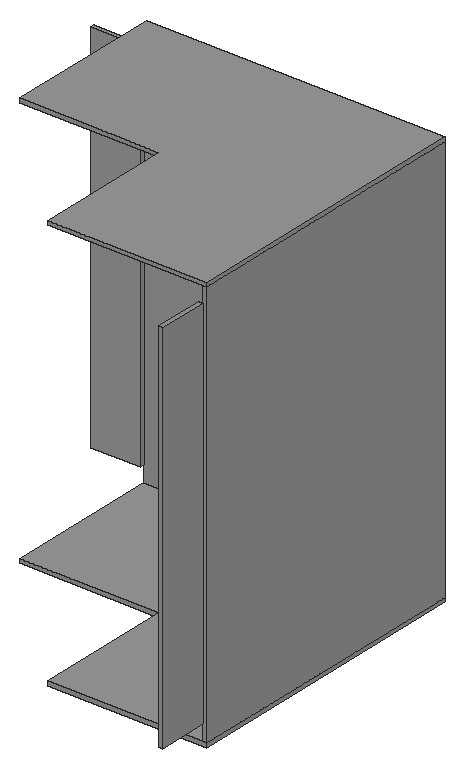
Revit family "Außeneckhaube WDK HA80210RW", category Generic Models, Revit 2017
Family settings
  Can host rebar = No
  Round Connector Dimension = Use Diameter
  Part Type = Normal
  Work Plane-Based = No
  Always vertical = Yes
  Cut with Voids When Loaded = No
  Shared = No
  Room Calculation Point = No
Parameters (values of type "WDK HA80210RW")
  Width = 210 mm
  URL = "http://www.obo-bettermann.com"
  Material = Polyvinylchlorid
  Manufacturer Art.No. = "6192420"
  Manufacturer = "OBO BETTERMANN"
  Height = 80 mm
  GTIN = "4012195042532"
  Article Type = "WDK HA80210RW"
Reference planes
  plane 1 "Center (Front/Back)": y = 0
  plane 2: z = 0
  plane 3 "Center (Left/Right)": x = 0
  plane 4: y = 150
  plane 5: x = 150
  plane 6: z = 210
  plane 7: z = 208
  plane 8: z = 105
  plane 9: y = 150
  plane 10: x = 150
  plane 11: z = 200
  plane 12: z = 10
Forms (mm)
  Extrusion 1, solid, material "Polyvinylchlorid" <- "Material"
    sketch origin (0, 0, 0) x (1, 0, 0) y (0, 1, 0)
      loop
        line (0, 150) -> (0, 70) -> (70, 70) -> (70, 0) -> (150, 0) -> (150, 150) -> (0, 150)
    from 208 to 210
  Extrusion 2, solid, material "Polyvinylchlorid" <- "Material"
    sketch origin (0, 0, -206) x (0, -1, 0) y (1, 0, 0)
      loop
        line (-150, 0) -> (-70, 0) -> (-70, 70) -> (0, 70) -> (0, 150) -> (-150, 150) -> (-150, 0)
    from 208 to 206
  Extrusion 3, solid, material "Polyvinylchlorid" <- "Material"
    sketch origin (0, 0, 0) x (1, 0, 0) y (0, 1, 0)
      loop
        line (0, 150) -> (0, 148) -> (148, 148) -> (148, 0) -> (150, 0) -> (150, 150) -> (0, 150)
    from 2 to 208
  Extrusion 4, solid, material "Polyvinylchlorid" <- "Material"
    sketch origin (0, 0, 0) x (1, 0, 0) y (0, 1, 0)
      loop
        line (0, 148) -> (-25, 148) -> (-25, 145.959) -> (0, 145.959) -> (0, 148)
      loop
        line (148, 0) -> (146.026, 0) -> (146.026, -25) -> (148, -25) -> (148, 0)
    from 10 to 200
Dimensions and locks
  locked: Extrusion 1 sketch curve to Extrusion 1 sketch curve at 150  (x2)
  locked: Extrusion 1 sketch curve to Extrusion 1 sketch curve at 80  (x2)
  locked: Extrusion 1 to Extrusion 1 at 2
  locked: plane 6 to plane 8 at 105
  locked: Extrusion 2 sketch curve to Extrusion 2 sketch curve at 150  (x2)
  locked: Extrusion 2 sketch curve to Extrusion 2 sketch curve at 80  (x2)
  locked: Extrusion 2 to Extrusion 2 at 2
  locked: Extrusion 3 sketch curve to Extrusion 1 at 2  (x2)
  locked: Extrusion 1 to Extrusion 1 at 150  (x2)
  locked: Extrusion 4 sketch curve to Extrusion 1 at 25  (x2)
  locked: Extrusion 4 sketch curve to Extrusion 4 sketch curve at 1.974
  locked: Extrusion 4 sketch curve to Extrusion 4 sketch curve at 2.041
  locked: Extrusion 4 to Extrusion 4 at 25  (x2)
  locked: plane 11 to plane 8 at 95
  locked: plane 8 to plane 12 at 95
  aligned and locked: level to plane 2
  aligned and locked: plane 1 "Center (Front/Back)" to Extrusion 1
  aligned and locked: Extrusion 1 to plane 3 "Center (Left/Right)"
  aligned and locked: plane 6 to Extrusion 1
  aligned and locked: Extrusion 1 to plane 7
  aligned and locked: Extrusion 2 to level
  aligned and locked: Extrusion 3 sketch curve to Extrusion 1
  aligned and locked: plane 1 "Center (Front/Back)" to Extrusion 3 sketch curve
  aligned and locked: Extrusion 3 to plane 3 "Center (Left/Right)"
  aligned and locked: plane 1 "Center (Front/Back)" to Extrusion 3
  aligned and locked: Extrusion 3 to Extrusion 1
  aligned and locked: Extrusion 3 to Extrusion 2
  aligned and locked: plane 3 "Center (Left/Right)" to Extrusion 4
  aligned and locked: Extrusion 4 to plane 1 "Center (Front/Back)"
  aligned and locked: plane 11 to Extrusion 4
  aligned and locked: Extrusion 4 to plane 12
